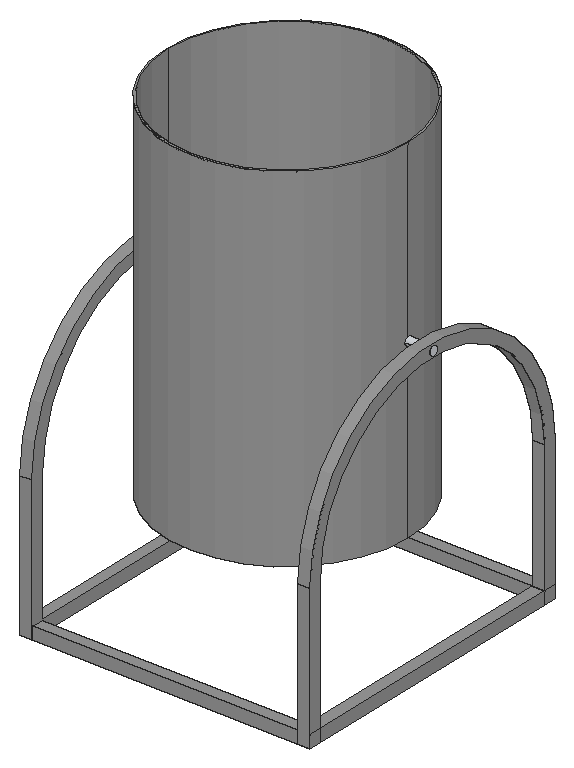
Revit family "Урна 120-151 Арт 7340", category Антураж, Revit 2018
Family settings
  На основе рабочей плоскости = Нет
  Всегда вертикально = Да
  При загрузке вырезать с полостями = Нет
  Источник визуального образа = Геометрия семейства
  Общий = Нет
  Точка расчета площади = Нет
Parameters (values of type "Версия 30 л")
  Ширина = if(Версия 20 л, 320 mm, 380 mm)  # 380 mm
  Цвет урны = Урнв
  Цвет каркаса = Сталь
  Описание = if(Версия 20 л, "Урна 120/151. Версия 20 л", "Урна 120/151. Версия 30 л")  # "Урна 120/151. Версия 30 л"
  Материал изделия = "Сталь"  # constant formula
  Крепление = if(Версия 20 л, 190 mm, 220 mm)  # 220 mm
  Изображение типоразмера = Урна 120-151 Арт 7340.jpg
  Изготовитель = "ООО «Хоббика»"  # constant formula
  Длина = if(Версия 20 л, 320 mm, 360 mm)  # 360 mm
  Диаметр урны = Длина - 60 mm  # 300 mm
  Группа модели = "Уличные урны"  # constant formula
  Высота = if(Версия 20 л, 500 mm, 580 mm)  # 580 mm
  Внут.диаметр = Диаметр урны - 4 mm  # 296 mm
  Версия 30 л = not(Версия 20 л)  # yes
  Версия 20 л = no
  Артикул товара = "Арт. 7340"  # constant formula
  URL = "https://hobbyka.ru/product/urna_120151/"
Types (3, lengths in mm): name | Ширина | Описание | Крепление | Длина | Диаметр урны | Высота | Внут.диаметр | Версия 30 л | Версия 20 л
  (no name) | 380 | "Урна 120/151. Версия 30 л" | 220 | 360 | 300 | 580 | 296 | yes | no
  Версия 20 л | 320 | "Урна 120/151. Версия 20 л" | 190 | 320 | 260 | 500 | 256 | no | yes
  Версия 30 л | 380 | "Урна 120/151. Версия 30 л" | 220 | 360 | 300 | 580 | 296 | yes | no
Reference planes
  plane 1 "По центру (Вперед/Назад)": y = 0
  plane 2: z = 0
  plane 3 "По центру (Влево/Вправо)": x = 0
  plane 4: x = 360
  plane 5: y = 380
  plane 6: z = 580
  plane 7: x = 15
  plane 8: x = 345
  plane 9: y = 190
  plane 10: x = 180
  plane 11: z = 140
  plane 12: x = 30
  plane 13: x = 330
  plane 14: x = 362
Forms (mm)
  Extrusion 1, solid, material "Сталь" <- "Цвет каркаса"
    sketch origin (0, 0, 0) x (0, 1, 0) y (0, 0, 1)
      loop
        arc (380, 177.5) -> (190, 367.5) -> (0, 177.5) r 190
        line (0, 177.5) -> (0, 0) -> (380, 0) -> (380, 177.5)
      loop
        arc (365, 177.5) -> (190, 352.5) -> (15, 177.5) r 175
        line (15, 177.5) -> (15, 15) -> (365, 15) -> (365, 177.5)
    from 0 to 15
  Extrusion 2, solid, material "Сталь" <- "Цвет каркаса"
    sketch origin (0, 0, 0) x (0, 1, 0) y (0, 0, 1)
      loop
        arc (380, 177.5) -> (190, 367.5) -> (0, 177.5) r 190
        line (0, 177.5) -> (0, 0) -> (380, 0) -> (380, 177.5)
      loop
        arc (365, 177.5) -> (190, 352.5) -> (15, 177.5) r 175
        line (15, 177.5) -> (15, 15) -> (365, 15) -> (365, 177.5)
    from 345 to 360
  Extrusion 3, solid, material "Сталь" <- "Цвет каркаса"
    sketch origin (0, 0, 0) x (0, 1, 0) y (0, 0, 1)
      loop
        line (365, 15) -> (365, 0) -> (380, 0) -> (380, 15) -> (365, 15)
      loop
        line (15, 15) -> (0, 15) -> (0, 0) -> (15, 0) -> (15, 15)
    from 0 to 360
  Extrusion 4, solid, material "Урнв" <- "Цвет урны"
    sketch origin (0, 0, 0) x (1, 0, 0) y (0, 1, 0)
      loop
        circle (180, 190) r 150
      loop
        circle (180, 190) r 148
    from 140 to 580
  Extrusion 5, solid
    sketch origin (0, 0, 0) x (0, 1, 0) y (0, 0, 1)
      loop
        circle (190, 360) r 5
    from -2 to 30
  Extrusion 6, solid
    sketch origin (0, 0, 0) x (0, 1, 0) y (0, 0, 1)
      loop
        circle (190, 360) r 5
    from 330 to 362
  Extrusion 7, solid, material "Урнв" <- "Цвет урны"
    sketch origin (0, 0, 0) x (1, 0, 0) y (0, 1, 0)
      loop
        circle (180, 190) r 150
    from 140 to 142
Cuts and joins
  joined: Extrusion 4, Extrusion 7
Dimensions and locks
  "Длина": plane 3 "По центру (Влево/Вправо)" to plane 4
  "Ширина": plane 5 to plane 1 "По центру (Вперед/Назад)"
  "Высота": plane 6 to level
  locked: plane 3 "По центру (Влево/Вправо)" to plane 7 at 15
  locked: plane 8 to plane 4 at 15
  equal spacing: plane 5, plane 9, plane 1 "По центру (Вперед/Назад)"
  equal spacing: plane 3 "По центру (Влево/Вправо)", plane 10, plane 4
  equal spacing: plane 3 "По центру (Влево/Вправо)", Extrusion 4 sketch curve, plane 4
  equal spacing: plane 5, Extrusion 4 sketch curve, plane 1 "По центру (Вперед/Назад)"
  locked: plane 11 to level at 140
  "Диаметр урны": plane 13 to plane 12
  equal spacing: plane 13, plane 10, plane 12
  locked: plane 14 to plane 4 at 2
  locked: Extrusion 1 sketch curve to Extrusion 1 sketch curve at 15
  "Крепление": Extrusion 5 sketch curve to plane 11
  "Диаметр урны": diameter of Extrusion 4 sketch curve
  "Внут.диаметр": diameter of Extrusion 4 sketch curve
  aligned and locked: level to plane 2
  aligned and locked: Extrusion 3 to plane 3 "По центру (Влево/Вправо)"
  aligned and locked: plane 4 to Extrusion 3
  aligned and locked: Extrusion 2 to plane 8
  aligned and locked: plane 7 to Extrusion 1
  aligned and locked: plane 4 to Extrusion 2
  aligned and locked: plane 6 to Extrusion 4
  aligned and locked: Extrusion 4 to plane 11
  aligned and locked: plane 12 to Extrusion 5
  aligned and locked: plane 14 to Extrusion 6
  aligned and locked: Extrusion 6 to plane 13
  aligned and locked: Extrusion 7 sketch curve to Extrusion 4  (x2)
  aligned and locked: Extrusion 2 sketch curve to Extrusion 1  (x2)
  aligned and locked: Extrusion 6 sketch curve to Extrusion 5  (x2)
Automatic sketch dimensions
  Extrusion 1 sketch curve to Extrusion 1 sketch curve = 0 mm  (x2)
  Extrusion 1 sketch curve to level = 0 mm
  Extrusion 1 sketch curve to plane 1 "По центру (Вперед/Назад)" = 0 mm
  Extrusion 1 sketch curve to plane 9 = 0 mm
  level to Extrusion 1 sketch curve = 15 mm
  Extrusion 2 sketch curve to level = 0 mm
  level to Extrusion 2 sketch curve = 15 mm
  Extrusion 3 sketch curve to plane 1 "По центру (Вперед/Назад)" = 0 mm
  Extrusion 3 sketch curve to level = 0 mm  (x2)
  Extrusion 3 sketch curve to plane 5 = 0 mm
  Extrusion 3 sketch curve to plane 1 "По центру (Вперед/Назад)" = 15 mm
  Extrusion 3 sketch curve to plane 5 = 15 mm
  level to Extrusion 3 sketch curve = 15 mm  (x2)
  Extrusion 4 sketch curve to Extrusion 4 sketch curve = 0 mm  (x2)
  plane 11 to Extrusion 1 sketch curve = 37.5 mm
  Extrusion 5 sketch curve to plane 9 = 0 mm
  radius of Extrusion 5 sketch curve = 5 mm
